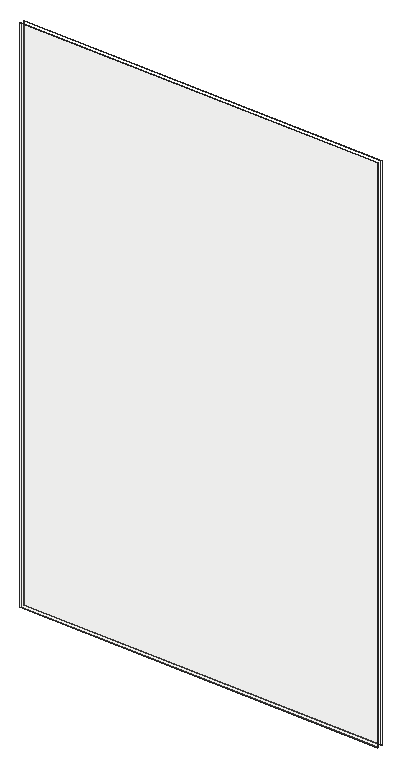
Revit family "Building-Materials_Glass-Glazing_Vitro-Architectural-Glass_Solarbronze-Glass", category Curtain Panels, Revit 2024
Family settings
  OmniClass Number = 23.25.20.14.11.11.17
  OmniClass Title = Infill Panels
  Always vertical = Yes
  Cut with Voids When Loaded = No
  Shared = No
Parameters (values of type "Solarban 60 (2) Solarbronze  + Clear")
  Visual Light Transmittance = 0.42
  UV Light Transmittance = 0.08
  URL = "https://www.vitroglazings.com/"
  U-Value Argon (Winter Night) = 0.2400 BTU/(h·ft²·°F)
  U-Value Argon (Summer Day) = 0.2200 BTU/(h·ft²·°F)
  U-Value Air (Winter Night) = 0.2900 BTU/(h·ft²·°F)
  U-Value Air (Summer Day) = 0.2700 BTU/(h·ft²·°F)
  Total Thickness = Airspace Thickness + [1st Lite Thickness] + [2nd Lite Thickness]  # 0' - 1"
  Thermal Resistance (R) = 8.3333 (h·ft²·°F)/BTU  # constant formula
  Solar Light Transmittance = 0.21
  Solar Heat Gain Coefficient = 0.28
  Shadow Coefficient = 0.32
  Reflectance (Visible Interior) = 11
  Reflectance (Visible Exterior) = 7
  Product data url = "https://www.bimobject.com/vitroarchictecturalglass/product/solarbronze-glass"
  Product Page URL = "https://www.vitroglazings.com/products/performance-tinted-glass/gray-bronze-tinted-glass/solarbronze-glass/"
  Product Guid = "a48c0c8e-e294-4b8a-a9ee-c6cf75b0360d"
  Model = "Solarban 60 (2) Solarbronze  + Clear"
  Manufacturer = "Vitro Architectural Glass "  # constant formula
  Light to Solar Gain = 1.5
  Keynote = "08900"  # constant formula
  Interior Glass Material = Vitro Architectural-Glass - Clear
  ISO Damage Weighted Transmittance = 0.298
  Heat Transfer Coefficient (U) = 0.2900 BTU/(h·ft²·°F)  # constant formula
  Glass Code = 4
  Finish = "Glass"  # constant formula
  Exterior Glass Material = Vitro Architectural-Glass - Solarban 60 (2) Solarbronze
  Description = "Solarbronze® glass has been a staple in architectural glass offerings since the 1960s because it creates a bold visual statement while maintaining energy efficiency and occupant comfort. A popular choice for commercial structures, Solarbronze® glass has a warm bronze tint that adds subtle richness to the exterior and a warm glow to interior décor. The bronze color especially complements brick and stone facades."  # constant formula
  Define Thermal Properties by = Schematic Type
  Assembly Code = "B2020220"
  Analytic Construction = "Low-E double glazing (1/4 in + 1/4 in)"
  Airspace Thickness = 0' - 0 1/2"  # constant formula
  2nd Lite Thickness = 0' - 0 1/4"  # constant formula
  1st Lite Thickness = 0' - 0 1/4"  # constant formula
Types (17): name | Visual Light Transmittance | UV Light Transmittance | U-Value Argon (Winter Night) | U-Value Argon (Summer Day) | U-Value Air (Winter Night) | U-Value Air (Summer Day) | Solar Light Transmittance | Solar Heat Gain Coefficient | Shadow Coefficient | Reflectance (Visible Interior) | Reflectance (Visible Exterior) | Model | Light to Solar Gain | Interior Glass Material | ISO Damage Weighted Transmittance | Glass Code | Exterior Glass Material
  Solarbronze + Clear | 0.47 | 0.21 | 0.4500 BTU/(h·ft²·°F) | 0.4800 BTU/(h·ft²·°F) | 0.4700 BTU/(h·ft²·°F) | 0.5000 BTU/(h·ft²·°F) | 0.39 | 0.51 | 0.59 | 13 | 8 | "Solarbronze + Clear" | 0.92 | Vitro Architectural-Glass - Clear | 0.382 | 2 | Vitro Architectural-Glass - Solarbronze
  Solarbronze + Sungate 400 (3) Clear | 0.46 | 0.12 | 0.2800 BTU/(h·ft²·°F) | 0.2600 BTU/(h·ft²·°F) | 0.3200 BTU/(h·ft²·°F) | 0.3100 BTU/(h·ft²·°F) | 0.32 | 0.44 | 0.5 | 12 | 8 | "Solarbronze + Sungate 400 (3) Clear" | 1.05 | Vitro Architectural-Glass - Sungate 400 (3) Clear | 0.34 | 3 | Vitro Architectural-Glass - Solarbronze
  Solarban 60 (2) Solarbronze  + Clear | 0.42 | 0.08 | 0.2400 BTU/(h·ft²·°F) | 0.2200 BTU/(h·ft²·°F) | 0.2900 BTU/(h·ft²·°F) | 0.2700 BTU/(h·ft²·°F) | 0.21 | 0.28 | 0.32 | 11 | 7 | "Solarban 60 (2) Solarbronze  + Clear" | 1.5 | Vitro Architectural-Glass - Clear | 0.298 | 4 | Vitro Architectural-Glass - Solarban 60 (2) Solarbronze
  Solarbronze + Solarban 60 (3) Clear | 0.45 | 0.08 | 0.2400 BTU/(h·ft²·°F) | 0.2200 BTU/(h·ft²·°F) | 0.2900 BTU/(h·ft²·°F) | 0.2700 BTU/(h·ft²·°F) | 0.21 | 0.32 | 0.37 | 9 | 7 | "Solarbronze + Solarban 60 (3) Clear" | 1.31 | Vitro Architectural-Glass - Solarban 60 (3) Clear | 0.298 | 5 | Vitro Architectural-Glass - Solarbronze
  Solarban 67 (2) Solarbronze  + Clear | 0.32 | 0.05 | 0.2400 BTU/(h·ft²·°F) | 0.2200 BTU/(h·ft²·°F) | 0.2900 BTU/(h·ft²·°F) | 0.2700 BTU/(h·ft²·°F) | 0.15 | 0.22 | 0.25 | 15 | 10 | "Solarban 67 (2) Solarbronze  + Clear" | 1.45 | Vitro Architectural-Glass - Clear | 0.221 | 6 | Vitro Architectural-Glass - Solarban 67 (2) Solarbronze
  Solarbronze + Solarban 67 (3) Clear | 0.32 | 0.05 | 0.2400 BTU/(h·ft²·°F) | 0.2200 BTU/(h·ft²·°F) | 0.2900 BTU/(h·ft²·°F) | 0.2700 BTU/(h·ft²·°F) | 0.15 | 0.29 | 0.33 | 18 | 9 | "Solarbronze + Solarban 67 (3) Clear" | 1.1 | Vitro Architectural-Glass - Solarban 67 (3) Clear | 0.222 | 7 | Vitro Architectural-Glass - Solarbronze
  Solarban 70 (2) Solarbronze  + Clear | 0.39 | 0.03 | 0.2400 BTU/(h·ft²·°F) | 0.2100 BTU/(h·ft²·°F) | 0.2800 BTU/(h·ft²·°F) | 0.2600 BTU/(h·ft²·°F) | 0.14 | 0.2 | 0.23 | 13 | 8 | "Solarban 70 (2) Solarbronze  + Clear" | 1.95 | Vitro Architectural-Glass - Clear | 0.242 | 8 | Vitro Architectural-Glass - Solarban 70 (2) Solarbronze
  Solarbronze + Solarban 70 (3) | 0.38 | 0.03 | 0.2400 BTU/(h·ft²·°F) | 0.2100 BTU/(h·ft²·°F) | 0.2800 BTU/(h·ft²·°F) | 0.2600 BTU/(h·ft²·°F) | 0.15 | 0.26 | 0.3 | 11 | 8 | "Solarbronze + Solarban 70 (3)" | 1.46 | Vitro Architectural-Glass - Solarban 70 (3) | 0.241 | 9 | Vitro Architectural-Glass - Solarbronze
  Solarban R100 (2) Solarbronze + Clear | 0.25 | 0.05 | 0.2500 BTU/(h·ft²·°F) | 0.2200 BTU/(h·ft²·°F) | 0.2900 BTU/(h·ft²·°F) | 0.2700 BTU/(h·ft²·°F) | 0.11 | 0.18 | 0.21 | 13 | 15 | "Solarban R100 (2) Solarbronze + Clear" | 1.39 | Vitro Architectural-Glass - Clear | 0.185 | 10 | Vitro Architectural-Glass - Solarban R100 (2) Solarbronze
  Solarban 90 (2) Solarbronze  + Clear | 0.31 | 0.03 | 0.2400 BTU/(h·ft²·°F) | 0.2100 BTU/(h·ft²·°F) | 0.2900 BTU/(h·ft²·°F) | 0.2700 BTU/(h·ft²·°F) | 0.11 | 0.18 | 0.2 | 18 | 7 | "Solarban 90 (2) Solarbronze  + Clear" | 1.72 | Vitro Architectural-Glass - Clear | 0.199 | 11 | Vitro Architectural-Glass - Solarban 90 (2) Solarbronze
  Solarbronze + Solarban 90 (3) Clear | 0.3 | 0.03 | 0.2400 BTU/(h·ft²·°F) | 0.2100 BTU/(h·ft²·°F) | 0.2900 BTU/(h·ft²·°F) | 0.2700 BTU/(h·ft²·°F) | 0.11 | 0.24 | 0.27 | 11 | 10 | "Solarbronze + Solarban 90 (3) Clear" | 1.25 | Vitro Architectural-Glass - Solarban 90 (3) Clear | 0.199 | 12 | Vitro Architectural-Glass - Solarbronze
  Solarcool (2) Solarbronze + Clear | 0.19 | 0.06 | 0.4500 BTU/(h·ft²·°F) | 0.4800 BTU/(h·ft²·°F) | 0.4700 BTU/(h·ft²·°F) | 0.5000 BTU/(h·ft²·°F) | 0.21 | 0.34 | 0.4 | 38 | 14 | "Solarcool (2) Solarbronze + Clear" | 0.56 | Vitro Architectural-Glass - Clear | 0.127 | 13 | Vitro Architectural-Glass - Solarcool (2) Solarbronze
  Solarcool (2) Solarbronze + Solarban 60 (3) Clear | 0.17 | 0.02 | 0.2400 BTU/(h·ft²·°F) | 0.2200 BTU/(h·ft²·°F) | 0.2900 BTU/(h·ft²·°F) | 0.2700 BTU/(h·ft²·°F) | 0.09 | 0.18 | 0.21 | 29 | 14 | "Solarcool (2) Solarbronze + Solarban 60 (3) Clear" | 0.94 | Vitro Architectural-Glass - Solarban 60 (3) Clear | 0.1 | 14 | Vitro Architectural-Glass - Solarcool (2) Solarbronze
  Solarcool (2) Solarbronze + Solarban 70 (3) | 0.15 | 0.01 | 0.2400 BTU/(h·ft²·°F) | 0.2100 BTU/(h·ft²·°F) | 0.2800 BTU/(h·ft²·°F) | 0.2600 BTU/(h·ft²·°F) | 0.06 | 0.15 | 0.17 | 27 | 14 | "Solarcool (2) Solarbronze + Solarban 70 (3)" | 1 | Vitro Architectural-Glass - Solarban 70 (3) | 0.083 | 15 | Vitro Architectural-Glass - Solarcool (2) Solarbronze
  Solarcool (2) Solarbronze + Solarban 90 (3) Clear | 0.12 | 0.01 | 0.2400 BTU/(h·ft²·°F) | 0.2100 BTU/(h·ft²·°F) | 0.2900 BTU/(h·ft²·°F) | 0.2700 BTU/(h·ft²·°F) | 0.05 | 0.14 | 0.16 | 22 | 14 | "Solarcool (2) Solarbronze + Solarban 90 (3) Clear" | 0.86 | Vitro Architectural-Glass - Solarban 90 (3) Clear | 0.069 | 16 | Vitro Architectural-Glass - Solarcool (2) Solarbronze
  Solarcool (1) Solarbronze + Clear | 0.18 | 0.06 | 0.4500 BTU/(h·ft²·°F) | 0.4800 BTU/(h·ft²·°F) | 0.4700 BTU/(h·ft²·°F) | 0.5000 BTU/(h·ft²·°F) | 0.21 | 0.31 | 0.35 | 19 | 37 | "Solarcool (1) Solarbronze + Clear" | 0.58 | Vitro Architectural-Glass - Clear | 0.125 | 17 | Vitro Architectural-Glass - Solarcool (1) Solarbronze
  Solarcool (1) Solarbronze + Solarban 90 (3) Clear | 0.12 | 0.01 | 0.0000 BTU/(h·ft²·°F) | 0.0000 BTU/(h·ft²·°F) | 0.2900 BTU/(h·ft²·°F) | 0.2700 BTU/(h·ft²·°F) | 0.04 | 0.12 | 0.14 | 14 | 37 | "Solarcool (1) Solarbronze + Solarban 90 (3) Clear" | 0 | Vitro Architectural-Glass - Solarban 90 (3) Clear | 67 | 18 | Vitro Architectural-Glass - Solarcool (1) Solarbronze
Reference planes (in)
  plane 1 "Front": y = 0
  plane 2: z = 0
  plane 3 "Center (Left/Right)": x = 0
  plane 4 "Left": x = -32.75106
  plane 5 "Right": x = 32.75106
  plane 6 "Top": z = 96
  plane 7: y = 0.25
  plane 8: y = -0.25
Forms (in)
  Extrusion 1, solid, material "Vitro Architectural-Glass - Clear" <- "Interior Glass Material"
    sketch origin (0, 0.5, 0) x (1, 0, 0) y (0, 1, 0)
      loop
        line (-32.75106, 0) -> (-32.75106, -0.25) -> (32.75106, -0.25) -> (32.75106, 0) -> (-32.75106, 0)
    from 0 to 96
  Extrusion 2, solid, material "Vitro Architectural-Glass - Solarban 60 (2) Solarbronze" <- "Exterior Glass Material"
    sketch origin (0, -0.5, 0) x (1, 0, 0) y (0, 1, 0)
      loop
        line (-32.75106, 0.25) -> (-32.75106, 0) -> (32.75106, 0) -> (32.75106, 0.25) -> (-32.75106, 0.25)
    from 0 to 96
Text (in)
  text "Exterior" at (-54.29358, 31.38743, 0), in view "Ref. Level"
  text "Exterior" at (480, 41.53993, 89.60405), in view "Right"
  text "Exterior" at (-240, 57.82419, 105.78864), in view "Left"
Dimensions and locks (in)
  equal spacing: plane 4 "Left", plane 3 "Center (Left/Right)", plane 5 "Right"
  "2nd Lite Thickness": Extrusion 2 sketch curve to Extrusion 2 sketch curve
  equal spacing: plane 7, plane 1 "Front", plane 8
  "Airspace Thickness": plane 7 to plane 8
  "1st Lite Thickness": Extrusion 1 sketch curve to plane 7
  "Total Thickness": Extrusion 2 to Extrusion 1
  aligned and locked: level to plane 2
  aligned and locked: Extrusion 1 sketch curve to plane 4 "Left"
  aligned and locked: plane 5 "Right" to Extrusion 1 sketch curve
  aligned and locked: plane 5 "Right" to Extrusion 2 sketch curve
  aligned and locked: Extrusion 2 sketch curve to plane 4 "Left"
  aligned and locked: Extrusion 1 to plane 6 "Top"
  aligned and locked: Extrusion 1 to level
  aligned and locked: Extrusion 2 to plane 6 "Top"
  aligned and locked: Extrusion 2 to level
  aligned and locked: plane 8 to Extrusion 2
  aligned and locked: plane 7 to Extrusion 1 sketch curve
  aligned and locked: Extrusion 2 sketch curve to plane 8
